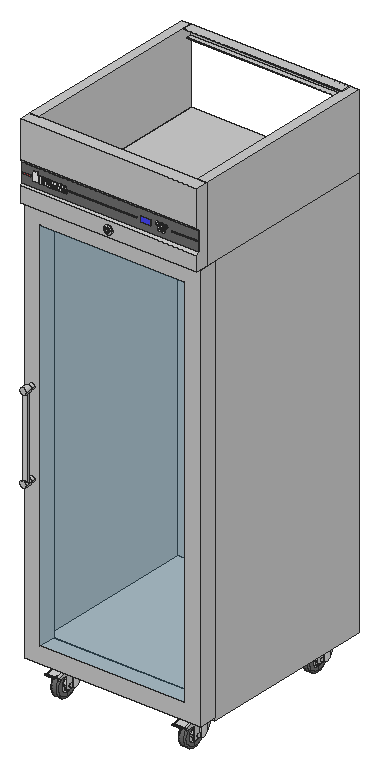
Revit family "QF_INOMAK_CBP172_GL_250530022410", category Specialty Equipment, Revit 2021
Family settings
  Round Connector Dimension = Use Diameter
  Part Type = Normal
  OmniClass Number = 23.40.40.14
  OmniClass Title = Food Service Equipment
  Work Plane-Based = No
  Always vertical = Yes
  Cut with Voids When Loaded = No
  Shared = No
  Room Calculation Point = No
Parameters (values of type "CBP172-GL")
  Weight [instance] = 146.00 kg
  Warranty Start Date [instance] = ""
  Warranty Duration [instance] = ""
  Volts [instance] = 230 V
  Volt Free Conn [instance] = no
  URL Recommended Spares List [instance] = ""
  URL Manufacturer [instance] = ""
  URL Cutsheet [instance] = ""
  URL Critical Spares List [instance] = ""
  URL = "www.inomak.com"
  Technical Documentation [instance] = ""
  Tag Number [instance] = ""
  Status [instance] = ""
  Start Up Current [instance] = 0 A
  Specification by User [instance] = ""
  Specification by Manufacturer [instance] = ""
  Sound Level [instance] = ""
  Show Logo [instance] = yes
  Show Clearances [instance] = yes
  Service Life Duration [instance] = ""
  Serial Number [instance] = ""
  Seismic Rating [instance] = ""
  SMACNA No [instance] = ""
  Revision Code [instance] = ""
  Revision [instance] = ""
  Production Year [instance] = ""
  Potential Equalisation [instance] = no
  Point Load [instance] = 0
  Phase [instance] = 1
  Other Equipment Approvals [instance] = ""
  Operational Current [instance] = 0 A
  Number of Poles [instance] = 2
  No Load Power Draw [instance] = no
  NAFEM Spec ID Number [instance] = ""
  Model Warning [instance] = ""
  Model = "CBP172/GL"
  Min Ckt Ampacity [instance] = 0 A
  Max Overcurrent Protection [instance] = 10 A
  Masterspec [instance] = ""
  Manufacturer = "INOMAK"
  Main switch integrated [instance] = no
  Length Actual [instance] = 720 mm
  Item Number [instance] = ""
  Installed By [instance] = ""
  Installation Date [instance] = ""
  Identify Quantity as Lot [instance] = no
  ID [instance] = ""
  Hygiene Approval [instance] = ""
  Height Actual [instance] = 2100 mm
  HP power [instance] = ""
  Furnished By [instance] = ""
  Foodservice Equipment Identifier [instance] = no
  FL Amps [instance] = 4.1 A
  Electrical Remarks [instance] = ""
  Electric power [instance] = 750 W
  Electric Connection Type [instance] = ""
  Elec Conn RI Height [instance] = 0 mm
  Elec Conn Connection Height [instance] = 0 mm
  ETL Approved [instance] = no
  Description = "PRUNUS FREEZER CABINET WITH 1 GN 2/1 GLASS DOOR"
  Depth Actual [instance] = 860 mm
  Default Elevation = 0 mm
  Cycle [instance] = 50 Hz
  Cost = 0
  Connection to energy optimisation system [instance] = yes
  Conn Plug [instance] = ""
  Conn Conduit [instance] = no
  Centralized building control system with digital interface [instance] = ""
  CSI MasterFormat [instance] = ""
  CE Approved [instance] = no
  Barcode [instance] = 0
  Author [instance] = ""
  Asset Identifier [instance] = ""
  Apparent Power [instance] = 750 VA
  Accessory [instance] = no
Reference planes
  plane 1 "Center (Front/Back)": y = 0
  plane 2: z = 0
  plane 3 "Center (Left/Right)": x = 0
Forms (mm)
  Extrusion 1, solid, not visible
    sketch origin (590.029, -2, 1930.094) x (1, 0, 0) y (0, 1, 0)
      loop
        line (-2, 2) -> (-2, -2) -> (2, -2) -> (2, 2) -> (-2, 2)
    from -2 to 2
Dimensions and locks
  locked: Extrusion 1 to nested 2
  locked: nested 2 to Extrusion 1 at 2
  aligned and locked: level to plane 2
Nested families
  nested 1: "QF_INOMAK_REF_CABINETS_172_2920" at (0, 0, 130), type "CBP172-GL"
    with Weight 146.00 kg, Warranty Start Date "", Warranty Duration "", URL Cutsheet "", Technical Documentation "", Tag Number "", Status "", Specification by User "", Specification by Manufacturer "", Sound Level "", Solid Fuel Type "", Show Clearances yes, Service Life Duration "", Serial Number "", Seismic Rating "", SMACNA No "", Revision Code "", Revision "", Production Year "", Point Load 0, Other Equipment Approvals "", NAFEM Spec ID Number "", Model Warning "", Masterspec "", Length Actual 720 mm, Item Number "", Installed By "", Installation Date "", Identify Quantity as Lot yes, ID "", Hygiene Approval "", Height Actual 2100 mm, Furnished By "", Foodservice Equipment Identifier yes, Finish none, ETL Approved yes, Depth Actual 860 mm, CSI MasterFormat "", CE Approved yes, Barcode "", Author "", Asset Identifier "", Accessory no
  nested 2: "CONN_POINT_ELE_2D___Generic_Annotation" at (590.029, 0, 1930.094), type "CONN_POINT_ELE_2D___Generic_Annotation"
    with Onboard connection annotation symbol visibility yes
  nested 3: "QF_INOMAK_C172-GDR-RX_4567" at (0, -824, 130), type "C172-GDR-RX"
    with Weight 0.00 kg, Warranty Start Date "", Warranty Duration "", URL Cutsheet "", Technical Documentation "", Tag Number "", Status "", Specification by User "", Specification by Manufacturer "", Sound Level "", Solid Fuel Type "", Show Logo yes, Show Clearances yes, Show Clearance yes, Service Life Duration "", Serial Number "", Seismic Rating "", SMACNA No "", Revision Code "", Revision "", Production Year "", Point Load 0, Other Equipment Approvals "", NAFEM Spec ID Number "", Model Warning "", Masterspec "", Length Actual 720 mm, Item Number "", Installed By "", Installation Date "", Identify Quantity as Lot yes, ID "", Hygiene Approval "", Height Actual 1982 mm, Furnished By "", Foodservice Equipment Identifier yes, Finish none, ETL Approved yes, Depth Actual 70 mm, CSI MasterFormat "", CE Approved yes, Barcode "", Author "", Asset Identifier "", Accessory yes
  nested 4: "QF_INOMAK_CASTORS_5465" at (0, 0, 0), type "CT-720-830"
    with Weight 0.00 kg, Warranty Start Date "", Warranty Duration "", URL Cutsheet "", Technical Documentation "", Tag Number "", Status "", Specification by User "", Specification by Manufacturer "", Sound Level "", Solid Fuel Type "", Show Logo yes, Show Clearances yes, Service Life Duration "", Serial Number "", Seismic Rating "", SMACNA No "", Revision Code "", Revision "", Production Year "", Point Load 0, Other Equipment Approvals "", NAFEM Spec ID Number "", Model Warning "", Masterspec "", Length Actual 720 mm, Item Number "", Installed By "", Installation Date "", Identify Quantity as Lot yes, ID "", Hygiene Approval "", Height Actual 130 mm, Furnished By "", Foodservice Equipment Identifier yes, ETL Approved yes, Depth Actual 830 mm, CSI MasterFormat "", CE Approved yes, Barcode "", Author "", Asset Identifier "", Accessory yes
Connectors
  electrical at (590.029, 0, 1930.094), driven by "Apparent Power", driven by "Number of Poles", driven by "Volts"
    settings: on Extrusion 1, index 1, voltage 230 V, apparent load 0 VA, apparent load phase1 750 VA, apparent load phase2 0 VA, apparent load phase3 0 VA, power factor 1, load classification "Other", number of poles 2, system type 31, power factor state 1, is connector primary yes, connector utility no, sub classification motor no, connector description "Electrical connection for CBP172/GL"
Definition of nested family "QF_INOMAK_REF_CABINETS_172_2920"
  Parameters (values of type "CAP172-GL")
    Weight [instance] = 0.00 kg
    Warranty Start Date [instance] = ""
    Warranty Duration [instance] = ""
    URL Cutsheet [instance] = ""
    URL = "www.inomak.com"
    Technical Documentation [instance] = ""
    Tag Number [instance] = ""
    Status [instance] = ""
    Specification by User [instance] = ""
    Specification by Manufacturer [instance] = ""
    Sound Level [instance] = ""
    Solid Fuel Type [instance] = ""
    Show Logo = yes
    Show Clearances [instance] = yes
    Service Life Duration [instance] = ""
    Serial Number [instance] = ""
    Seismic Rating [instance] = ""
    SMACNA No [instance] = ""
    Revision Code [instance] = ""
    Revision [instance] = ""
    Production Year [instance] = ""
    Point Load [instance] = 0
    Other Equipment Approvals [instance] = ""
    NAFEM Spec ID Number [instance] = ""
    Model Warning [instance] = ""
    Model = "CAP172/GL"
    Masterspec [instance] = ""
    Manufacturer = "INOMAK"
    Length Actual [instance] = 0 mm
    Length = 720 mm
    Item Number [instance] = ""
    Installed By [instance] = ""
    Installation Date [instance] = ""
    Identify Quantity as Lot [instance] = yes
    ID [instance] = ""
    Hygiene Approval [instance] = ""
    Height Actual [instance] = 0 mm
    Height = 1985 mm
    Furnished By [instance] = ""
    Foodservice Equipment Identifier [instance] = yes
    Finish [instance] = none
    ETL Approved [instance] = yes
    Description = "PRUNUS CHILLER CABINET WITH 1 GN 2/1 GLASS DOOR"
    Depth Actual [instance] = 0 mm
    Depth = 824 mm
    Default Elevation = 0 mm
    CSI MasterFormat [instance] = ""
    CE Approved [instance] = yes
    Barcode [instance] = ""
    Author [instance] = ""
    Asset Identifier [instance] = ""
    Assembly Code = "E1090320"
    Accessory [instance] = yes
  Types (8, lengths in mm): name | Model | Description | Depth
    CAP172 | "CAP172" | "CYPRESS CHILLER CABINET WITH 1 GN 2/1 DOOR" | 832
    CAP172-GL | "CAP172/GL" | "PRUNUS CHILLER CABINET WITH 1 GN 2/1 GLASS DOOR" | 824
    CBP172-GL | "CBP172/GL" | "PRUNUS FREEZER CABINET WITH 1 GN 2/1 GLASS DOOR" | 824
    CBP172 | "CBP172" | "CASTANEA FREEZER CABINET WITH 1 GN 2/1 DOOR" | 832
    CAP172-SL | "CAP172/SL" | "CLOVER CHILLER CABINET WITH 1 DOOR, COMPACT DIMENSIONS" | 732
    CBP172-SL | "CBP172/SL" | "CLOVER FREEZER CABINET WITH 1 DOOR, COMPACT DIMENSIONS" | 732
    CAP172-SL-GL | "CAP172/SL/GL" | "PRUNUS CHILLER CABINET WITH 1 GLASS DOOR, COMPACT DIMENSIONS" | 724
    CBP172-SL-GL | "CBP172/SL/GL" | "PRUNUS FREEZER CABINET WITH 1 GLASS DOOR, COMPACT DIMENSIONS" | 724
  Reference planes
    plane 1 "Back": y = 0
    plane 2: z = 0
    plane 3 "Left": x = 0
    plane 4 "Right": x = 720
    plane 5 "Front": y = -824
    plane 6 "Top": z = 1985
  Forms (mm)
    Extrusion 1, solid
      sketch origin (-1732.685, -824, 3995) x (-1, 0, 0) y (0, 0, 1)
        loop
          circle (-2284.815, -2199.02) r 6.965
        loop
          circle (-2301.846, -2199.02) r 6.965
        loop
          circle (-2318.855, -2199.02) r 6.965
        loop
          circle (-2293.341, -2217.021) r 6.965
        loop
          circle (-2310.35, -2217.021) r 6.965
        loop
          circle (-2284.815, -2199.02) r 3.965
        loop
          circle (-2301.846, -2199.02) r 3.965
        loop
          circle (-2318.855, -2199.02) r 3.965
        loop
          circle (-2293.341, -2217.021) r 3.965
        loop
          circle (-2310.35, -2217.021) r 3.965
      from 7.3 to 10.302
    Extrusion 2, solid
      sketch origin (-1732.685, -824, 3995) x (-1, 0, 0) y (0, 0, 1)
        loop
          line (-2257.026, -2195.289) -> (-2257.026, -2218.289) -> (-2217.026, -2218.289) -> (-2217.026, -2195.289) -> (-2257.026, -2195.289)
      from 7.3 to 10.302
    Extrusion 3, solid
      sketch origin (-1732.685, -824, 3995) x (-1, 0, 0) y (0, 0, 1)
        loop
          line (-1732.685, -2167.27) -> (-2452.685, -2167.27) -> (-2452.685, -2246.309) -> (-1732.685, -2246.309) -> (-1732.685, -2167.27)
      from 7.8 to 10.302
    Extrusion 4, solid, visible <- "Show Logo"
      sketch origin (-1732.685, -824, 3995) x (-1, 0, 0) y (0, 0, 1)
        loop
          line (-1776.745, -2194.74) -> (-1782.745, -2194.74) -> (-1782.745, -2183.633) -> (-1796.982, -2183.633) -> (-1796.982, -2194.74) -> (-1802.982, -2194.74) -> (-1802.982, -2220.99) -> (-1776.745, -2220.99) -> (-1776.745, -2194.74)
        loop
          line (-1807.298, -2195.052) -> (-1814.587, -2195.052) -> (-1814.587, -2220.99) -> (-1807.298, -2220.99) -> (-1807.298, -2195.052)
        loop
          line (-1817.107, -2220.99) -> (-1817.107, -2195.052) -> (-1823.94, -2195.052) -> (-1827.134, -2206.971) -> (-1827.134, -2195.052) -> (-1833.666, -2195.052) -> (-1833.666, -2220.99) -> (-1827.134, -2220.99) -> (-1823.42, -2207.127) -> (-1823.42, -2220.99) -> (-1817.107, -2220.99)
        loop
          line (-1854.348, -2220.99) -> (-1854.348, -2195.052) -> (-1863.311, -2195.052) -> (-1865.673, -2209.062) -> (-1868.035, -2195.052) -> (-1876.997, -2195.052) -> (-1876.997, -2220.99) -> (-1870.372, -2220.99) -> (-1870.372, -2207.127) -> (-1868.035, -2220.99) -> (-1863.311, -2220.99) -> (-1860.973, -2207.127) -> (-1860.973, -2220.99) -> (-1854.348, -2220.99)
        loop
          line (-1839.536, -2195.052) -> (-1848.861, -2195.052)
          arc (-1848.861, -2195.052) -> (-1851.458, -2196.128) -> (-1852.533, -2198.724) r 3.672
          line (-1852.533, -2198.724) -> (-1852.533, -2217.318)
          arc (-1852.533, -2217.318) -> (-1851.458, -2219.914) -> (-1848.861, -2220.99) r 3.672
          line (-1848.861, -2220.99) -> (-1839.536, -2220.99)
          arc (-1839.536, -2220.99) -> (-1836.939, -2219.914) -> (-1835.864, -2217.318) r 3.672
          line (-1835.864, -2217.318) -> (-1835.864, -2198.724)
          arc (-1835.864, -2198.724) -> (-1836.939, -2196.128) -> (-1839.536, -2195.052) r 3.672
        loop
          arc (-1843.172, -2198.208) -> (-1844.198, -2197.181) -> (-1845.225, -2198.208) r 1.027
          line (-1845.225, -2198.208) -> (-1845.225, -2216.801)
          arc (-1845.225, -2216.801) -> (-1844.198, -2217.828) -> (-1843.172, -2216.801) r 1.027
          line (-1843.172, -2216.801) -> (-1843.172, -2198.208)
        loop
          line (-1878.066, -2220.99) -> (-1882.439, -2195.052) -> (-1891.3, -2195.052) -> (-1895.673, -2220.99) -> (-1889.146, -2220.99) -> (-1888.536, -2216.027) -> (-1885.203, -2216.027) -> (-1884.593, -2220.99) -> (-1878.066, -2220.99)
        loop
          line (-1885.759, -2211.498) -> (-1886.87, -2202.452) -> (-1887.98, -2211.498) -> (-1885.759, -2211.498)
        loop
          line (-1896.638, -2220.99) -> (-1896.638, -2195.052) -> (-1903.263, -2195.052) -> (-1903.263, -2204.165) -> (-1906.049, -2195.052) -> (-1913.487, -2195.052) -> (-1909.159, -2206.329) -> (-1914.207, -2220.99) -> (-1906.623, -2220.99) -> (-1903.263, -2208.45) -> (-1903.263, -2220.99) -> (-1896.638, -2220.99)
      from 7.3 to 10.3
    Extrusion 5, solid
      sketch origin (-1732.685, -824, 3995) x (-1, 0, 0) y (0, 0, 1)
        loop
          line (-1732.685, -2204.789) -> (-1769.679, -2204.789) -> (-1769.679, -2208.789) -> (-1732.685, -2208.789) -> (-1732.685, -2204.789)
        loop
          line (-1918.161, -2204.789) -> (-2202.526, -2204.789) -> (-2202.526, -2208.789) -> (-1918.161, -2208.789) -> (-1918.161, -2204.789)
        loop
          line (-2452.685, -2204.789) -> (-2452.685, -2208.789) -> (-2344.916, -2208.789) -> (-2344.916, -2204.789) -> (-2452.685, -2204.789)
      from 7.3 to 10.302
    Extrusion 6, solid, material <- "Finish"
      sketch origin (0, 24.612, -1982) x (0, 1, 0) y (0, 0, 1)
        loop
          line (-848.612, 3967) -> (-848.612, 3818.032) -> (-840.31, 3809.73) -> (-840.31, 3730.691) -> (-848.612, 3722.389) -> (-848.612, 3662) -> (-798.612, 3662) -> (-798.612, 3967) -> (-848.612, 3967)
      from 0 to 720
    Extrusion 7, solid, material <- "Finish"
      sketch origin (0, 0, 1985) x (0, 1, 0) y (-1, 0, 0)
        loop
          line (-774, 0) -> (-774, -35) -> (0, -35) -> (0, 0) -> (-774, 0)
      from 0 to -305
    Extrusion 8, solid, material <- "Finish"
      sketch origin (0, 0, 1985) x (0, 1, 0) y (-1, 0, 0)
        loop
          line (-774, -720) -> (0, -720) -> (0, -685) -> (-774, -685) -> (-774, -720)
      from 0 to -305
    Extrusion 9, solid, material <- "Finish"
      sketch origin (0, 24.612, -1987) x (0, 1, 0) y (0, 0, 1)
        loop
          line (-798.612, 3863.915) -> (-798.612, 3667) -> (-678.934, 3667) -> (-678.934, 3744.237) -> (-798.612, 3863.915)
      from 35 to 685
    Extrusion 10, solid, material <- "Finish"
      sketch origin (0, 24.612, -123) x (0, 1, 0) y (0, 0, 1)
        loop
          line (-675.378, 1910.946) -> (-690.935, 1926.502) -> (-709.143, 1908.294) -> (-707.729, 1906.88) -> (-690.935, 1923.674) -> (-676.793, 1909.532) -> (-675.378, 1910.946)
      from 114.953 to 225
    Extrusion 11, solid, material <- "Finish"
      sketch origin (394.212, 24.612, -123) x (0, 1, 0) y (0, 0, 1)
        loop
          line (-675.378, 1910.946) -> (-690.935, 1926.502) -> (-709.143, 1908.294) -> (-707.729, 1906.88) -> (-690.935, 1923.674) -> (-676.793, 1909.532) -> (-675.378, 1910.946)
      from 114.953 to 225
    Extrusion 12, solid, material <- "Finish"
      sketch origin (0, 30.903, -1982) x (0, 1, 0) y (0, 0, 1)
        loop
          line (-30.903, 3967) -> (-70.903, 3967) -> (-70.903, 3965) -> (-32.903, 3965) -> (-32.903, 3929) -> (-55.903, 3929) -> (-55.903, 3927) -> (-30.903, 3927) -> (-30.903, 3967)
      from 35 to 685
    Extrusion 13, solid, material <- "Finish"
      sketch origin (0, 30.903, -118) x (0, 1, 0) y (0, 0, 1)
        loop
          line (-30.903, 1798) -> (-764.903, 1798) -> (-764.903, 1733) -> (-100.876, 1733) -> (-100.876, 191) -> (-764.903, 191) -> (-764.903, 118) -> (-30.903, 118) -> (-30.903, 1798)
      from 35 to 685
    Extrusion 14, solid, material <- "Finish"
      sketch origin (0, 0, 0) x (1, 0, 0) y (0, 1, 0)
        loop
          line (0, -734) -> (35, -734) -> (35, 0) -> (0, 0) -> (0, -734)
      from 0 to 1680
    Extrusion 15, solid, material <- "Finish"
      sketch origin (0, 0, 0) x (1, 0, 0) y (0, 1, 0)
        loop
          line (720, -734) -> (720, 0) -> (685, 0) -> (685, -734) -> (720, -734)
      from 0 to 1680
    Revolve 16, solid
      sketch origin (358.942, 24.612, -1987) x (0, 1, 0) y (0, 0, 1)
        loop
          line (-851.012, 3694.152) -> (-848.612, 3694.152) -> (-848.612, 3711.145) -> (-849.612, 3711.145) -> (-853.012, 3706.633) -> (-853.012, 3702.998) -> (-851.012, 3702.998) -> (-851.012, 3694.152)
        axis (-848.612, 3694.152) -> (-853.012, 3694.152)
      angle from 0 to 360
    Extrusion 17, solid
      sketch origin (-1732.685, -824, 3995) x (-1, 0, 0) y (0, 0, 1)
        loop
          line (-2090.827, -2284.348) -> (-2092.827, -2284.348) -> (-2092.827, -2291.348) -> (-2090.827, -2291.348) -> (-2090.827, -2284.348)
        loop
          circle (-2091.627, -2287.848) r 7.846
      from -4.4 to -2.4
    Extrusion 18, solid, material <- "Finish"
      sketch origin (0, 30.903, -118) x (1, 0, 0) y (0, 1, 0)
        loop
          line (187, 5.097) -> (187, -29.903) -> (175, -29.903) -> (175, -30.903) -> (545, -30.903) -> (545, -29.903) -> (533, -29.903) -> (533, 5.097) -> (187, 5.097)
      from 1156 to 1531
    Extrusion 19, solid, material <- "Finish"
      sketch origin (100, 30.903, -118) x (1, 0, 0) y (0, 1, 0)
        loop
          line (339, 0.097) -> (339, -29.903) -> (325, -29.903) -> (325, -30.903) -> (340, -30.903) -> (340, -0.903) -> (393, -0.903) -> (393, -30.903) -> (408, -30.903) -> (408, -29.903) -> (394, -29.903) -> (394, 0.097) -> (339, 0.097)
      from 1531 to 1793
  Lines and regions (mm)
    symbolic lines
      curve 1: line (0, 0, 0) -> (720, 0, 0)
      curve 2: line (0, -824, 0) -> (0, 0, 0)
      curve 3: line (720, -824, 0) -> (0, -824, 0)
      curve 4: line (720, 0, 0) -> (720, -824, 0)
      curve 5: line (187, 1, 0) -> (187, 36, 0)
      curve 6: line (187, 36, 0) -> (533, 36, 0)
      curve 7: line (533, 36, 0) -> (533, 1, 0)
      curve 8: line (35, 0, 0) -> (35, -774, 0)
      curve 9: line (35, -774, 0) -> (685, -774, 0)
      curve 10: line (685, -774, 0) -> (685, 0, 0)
      curve 11: line (35, -40, 0) -> (685, -40, 0)
      curve 12: line (35, -654.322, 0) -> (685, -654.322, 0)
      curve 13: line (187, 1, 0) -> (175, 1, 0)
      curve 14: line (175, 1, 0) -> (175, 0, 0)
      curve 15: line (533, 1, 0) -> (545, 1, 0)
      curve 16: line (545, 1, 0) -> (545, 0, 0)
      curve 17: line (425, 0, 0) -> (425, 1, 0)
      curve 18: line (425, 1, 0) -> (439, 1, 0)
      curve 19: line (439, 1, 0) -> (439, 31, 0)
      curve 20: line (439, 31, 0) -> (494, 31, 0)
      curve 21: line (494, 31, 0) -> (494, 1, 0)
      curve 22: line (494, 1, 0) -> (508, 1, 0)
      curve 23: line (508, 1, 0) -> (508, 0, 0)
  Dimensions and locks
    plane 3 "Left" to plane 4 "Right" = 720 mm
    "Depth": plane 5 "Front" to plane 1 "Back"
    "Height": plane 6 "Top" to level
    plane 6 "Top" to level = 1985 mm
    aligned and locked: level to plane 2
  Automatic sketch dimensions
    Extrusion 1 sketch curve to Extrusion 1 sketch curve = 0 mm  (x13)
    plane 4 "Right" to Extrusion 1 sketch curve = 133.83 mm
    Extrusion 1 sketch curve to Extrusion 1 sketch curve = 8.505 mm
    Extrusion 1 sketch curve to Extrusion 1 sketch curve = 17.009 mm  (x2)
    Extrusion 1 sketch curve to Extrusion 1 sketch curve = 17.03 mm
    Extrusion 1 sketch curve to plane 6 "Top" = 207.021 mm
    Extrusion 1 sketch curve to Extrusion 1 sketch curve = 18.001 mm
    plane 4 "Right" to Extrusion 2 sketch curve = 195.659 mm
    Extrusion 2 sketch curve to Extrusion 2 sketch curve = 40 mm
    Extrusion 2 sketch curve to plane 6 "Top" = 208.289 mm
    Extrusion 2 sketch curve to Extrusion 2 sketch curve = 23 mm
    plane 4 "Right" to Extrusion 3 sketch curve = 0 mm
    Extrusion 3 sketch curve to plane 3 "Left" = 0 mm
    Extrusion 3 sketch curve to plane 6 "Top" = 236.309 mm
    Extrusion 3 sketch curve to Extrusion 3 sketch curve = 79.039 mm
    plane 3 "Left" to Extrusion 4 sketch curve = 181.522 mm
    Extrusion 4 sketch curve to Extrusion 4 sketch curve = 0.72 mm
    Extrusion 4 sketch curve to Extrusion 4 sketch curve = 4.329 mm
    Extrusion 4 sketch curve to Extrusion 4 sketch curve = 7.584 mm
    Extrusion 4 sketch curve to Extrusion 4 sketch curve = 7.438 mm
    Extrusion 4 sketch curve to Extrusion 4 sketch curve = 5.895 mm
    Extrusion 4 sketch curve to Extrusion 4 sketch curve = 0 mm  (x16)
    Extrusion 4 sketch curve to Extrusion 4 sketch curve = 6.625 mm  (x2)
    Extrusion 4 sketch curve to Extrusion 4 sketch curve = 0.965 mm
    Extrusion 4 sketch curve to Extrusion 4 sketch curve = 5.338 mm
    Extrusion 4 sketch curve to Extrusion 4 sketch curve = 6.527 mm  (x2)
    Extrusion 4 sketch curve to Extrusion 4 sketch curve = 0.609 mm
    Extrusion 4 sketch curve to Extrusion 4 sketch curve = 0.556 mm
    Extrusion 4 sketch curve to Extrusion 4 sketch curve = 4.43 mm  (x2)
    Extrusion 4 sketch curve to Extrusion 4 sketch curve = 2.222 mm
    Extrusion 4 sketch curve to Extrusion 4 sketch curve = 3.334 mm
    Extrusion 4 sketch curve to Extrusion 4 sketch curve = 4.552 mm
    Extrusion 4 sketch curve to Extrusion 4 sketch curve = 1.069 mm
    Extrusion 4 sketch curve to Extrusion 4 sketch curve = 8.962 mm  (x2)
    Extrusion 4 sketch curve to Extrusion 4 sketch curve = 2.337 mm
    Extrusion 4 sketch curve to Extrusion 4 sketch curve = 4.699 mm  (x2)
    Extrusion 4 sketch curve to Extrusion 4 sketch curve = 4.724 mm  (x2)
    Extrusion 4 sketch curve to Extrusion 4 sketch curve = 1.815 mm
    Extrusion 4 sketch curve to Extrusion 4 sketch curve = 3.672 mm  (x6)
    Extrusion 4 sketch curve to Extrusion 4 sketch curve = 3.636 mm  (x3)
    Extrusion 4 sketch curve to Extrusion 4 sketch curve = 1.027 mm
    Extrusion 4 sketch curve to Extrusion 4 sketch curve = 2.197 mm
    Extrusion 4 sketch curve to Extrusion 4 sketch curve = 6.532 mm  (x2)
    Extrusion 4 sketch curve to Extrusion 4 sketch curve = 3.194 mm
    Extrusion 4 sketch curve to Extrusion 4 sketch curve = 3.714 mm
    Extrusion 4 sketch curve to Extrusion 4 sketch curve = 6.312 mm
    Extrusion 4 sketch curve to Extrusion 4 sketch curve = 2.52 mm
    Extrusion 4 sketch curve to Extrusion 4 sketch curve = 7.29 mm
    Extrusion 4 sketch curve to Extrusion 4 sketch curve = 4.315 mm
    Extrusion 4 sketch curve to Extrusion 4 sketch curve = 6 mm
    Extrusion 4 sketch curve to Extrusion 4 sketch curve = 14.237 mm
    Extrusion 4 sketch curve to Extrusion 4 sketch curve = 26.237 mm
    Extrusion 4 sketch curve to plane 6 "Top" = 210.99 mm
    Extrusion 4 sketch curve to Extrusion 4 sketch curve = 0.516 mm  (x2)
    Extrusion 4 sketch curve to Extrusion 4 sketch curve = 4.963 mm
    Extrusion 4 sketch curve to Extrusion 4 sketch curve = 4.529 mm
    Extrusion 4 sketch curve to Extrusion 4 sketch curve = 11.927 mm
    Extrusion 4 sketch curve to Extrusion 4 sketch curve = 12.539 mm
    Extrusion 4 sketch curve to Extrusion 4 sketch curve = 1.935 mm  (x2)
    Extrusion 4 sketch curve to Extrusion 4 sketch curve = 13.862 mm
    Extrusion 4 sketch curve to Extrusion 4 sketch curve = 0.157 mm
    Extrusion 4 sketch curve to Extrusion 4 sketch curve = 2.122 mm
    Extrusion 4 sketch curve to Extrusion 4 sketch curve = 4.285 mm
    Extrusion 4 sketch curve to Extrusion 4 sketch curve = 9.047 mm
    Extrusion 4 sketch curve to Extrusion 4 sketch curve = 8.403 mm
    Extrusion 4 sketch curve to Extrusion 4 sketch curve = 12.075 mm
    Extrusion 4 sketch curve to Extrusion 4 sketch curve = 26.25 mm
    Extrusion 4 sketch curve to Extrusion 4 sketch curve = 0.312 mm
    Extrusion 4 sketch curve to Extrusion 4 sketch curve = 11.107 mm
    plane 4 "Right" to Extrusion 5 sketch curve = 0 mm
    Extrusion 5 sketch curve to plane 3 "Left" = 0 mm
    plane 4 "Right" to Extrusion 5 sketch curve = 107.768 mm
    Extrusion 5 sketch curve to Extrusion 5 sketch curve = 142.39 mm
    plane 3 "Left" to Extrusion 5 sketch curve = 185.476 mm
    plane 3 "Left" to Extrusion 5 sketch curve = 36.995 mm
    Extrusion 5 sketch curve to plane 6 "Top" = 198.789 mm
    Extrusion 5 sketch curve to Extrusion 5 sketch curve = 0 mm  (x2)
    Extrusion 5 sketch curve to Extrusion 5 sketch curve = 4 mm  (x3)
    Extrusion 6 sketch curve to plane 5 "Front" = 0 mm  (x2)
    Extrusion 6 sketch curve to plane 6 "Top" = 0 mm
    plane 5 "Front" to Extrusion 6 sketch curve = 8.302 mm
    Extrusion 6 sketch curve to Extrusion 6 sketch curve = 50 mm
    Extrusion 6 sketch curve to plane 6 "Top" = 148.968 mm
    Extrusion 6 sketch curve to Extrusion 6 sketch curve = 8.302 mm  (x2)
    Extrusion 6 sketch curve to Extrusion 6 sketch curve = 79.039 mm
    Extrusion 6 sketch curve to Extrusion 6 sketch curve = 60.389 mm
    Extrusion 7 sketch curve to plane 3 "Left" = 0 mm
    plane 1 "Back" to Extrusion 7 sketch curve = 0 mm
    plane 5 "Front" to Extrusion 7 sketch curve = 50 mm
    plane 3 "Left" to Extrusion 7 sketch curve = 35 mm
    Extrusion 8 sketch curve to plane 4 "Right" = 0 mm
    plane 1 "Back" to Extrusion 8 sketch curve = 0 mm
    plane 5 "Front" to Extrusion 8 sketch curve = 50 mm
    plane 4 "Right" to Extrusion 8 sketch curve = 35 mm
    plane 5 "Front" to Extrusion 9 sketch curve = 50 mm
    Extrusion 9 sketch curve to Extrusion 9 sketch curve = 119.678 mm
    Extrusion 9 sketch curve to plane 6 "Top" = 305 mm
    Extrusion 9 sketch curve to Extrusion 9 sketch curve = 77.237 mm
    Extrusion 9 sketch curve to plane 6 "Top" = 108.085 mm
    plane 5 "Front" to Extrusion 10 sketch curve = 139.47 mm
    Extrusion 10 sketch curve to Extrusion 10 sketch curve = 1.414 mm  (x2)
    Extrusion 10 sketch curve to Extrusion 10 sketch curve = 16.794 mm
    Extrusion 10 sketch curve to Extrusion 10 sketch curve = 0 mm
    Extrusion 10 sketch curve to Extrusion 10 sketch curve = 14.142 mm
    Extrusion 10 sketch curve to plane 6 "Top" = 201.12 mm
    plane 5 "Front" to Extrusion 11 sketch curve = 139.47 mm
    Extrusion 11 sketch curve to Extrusion 11 sketch curve = 1.414 mm  (x2)
    Extrusion 11 sketch curve to Extrusion 11 sketch curve = 16.794 mm
    Extrusion 11 sketch curve to Extrusion 11 sketch curve = 0 mm
    Extrusion 11 sketch curve to Extrusion 11 sketch curve = 14.142 mm
    Extrusion 11 sketch curve to plane 6 "Top" = 201.12 mm
    Extrusion 12 sketch curve to plane 6 "Top" = 0 mm
    Extrusion 12 sketch curve to plane 1 "Back" = 0 mm
    plane 1 "Back" to Extrusion 12 sketch curve = 2 mm
    Extrusion 12 sketch curve to Extrusion 12 sketch curve = 23 mm
    Extrusion 12 sketch curve to Extrusion 12 sketch curve = 38 mm
    Extrusion 12 sketch curve to plane 6 "Top" = 2 mm
    Extrusion 12 sketch curve to Extrusion 12 sketch curve = 36 mm
    Extrusion 12 sketch curve to Extrusion 12 sketch curve = 2 mm
    Extrusion 13 sketch curve to level = 0 mm
    Extrusion 13 sketch curve to plane 1 "Back" = 0 mm
    plane 1 "Back" to Extrusion 13 sketch curve = 69.973 mm
    plane 5 "Front" to Extrusion 13 sketch curve = 90 mm  (x2)
    level to Extrusion 13 sketch curve = 73 mm
    Extrusion 13 sketch curve to plane 6 "Top" = 370 mm
    Extrusion 13 sketch curve to Extrusion 13 sketch curve = 65 mm
    plane 1 "Back" to Extrusion 14 sketch curve = 0 mm
    Extrusion 14 sketch curve to plane 3 "Left" = 0 mm
    plane 3 "Left" to Extrusion 14 sketch curve = 35 mm
    plane 5 "Front" to Extrusion 14 sketch curve = 90 mm
    plane 1 "Back" to Extrusion 15 sketch curve = 0 mm
    Extrusion 15 sketch curve to plane 4 "Right" = 0 mm
    Extrusion 15 sketch curve to Extrusion 15 sketch curve = 35 mm
    plane 5 "Front" to Extrusion 15 sketch curve = 90 mm
    Revolve 16 sketch curve to plane 5 "Front" = 0 mm
    Revolve 16 sketch curve to plane 5 "Front" = 1 mm
    Revolve 16 sketch curve to plane 5 "Front" = 2.4 mm
    Revolve 16 sketch curve to Revolve 16 sketch curve = 2 mm
    Revolve 16 sketch curve to plane 6 "Top" = 277.848 mm
    Revolve 16 sketch curve to Revolve 16 sketch curve = 8.846 mm
    Revolve 16 sketch curve to Revolve 16 sketch curve = 3.635 mm
    Revolve 16 sketch curve to Revolve 16 sketch curve = 4.512 mm
    Revolve 16 sketch curve to Revolve 16 sketch curve = 0 mm  (x2)
    Revolve 16 sketch curve to Revolve 16 sketch curve = 4.096 mm
    plane 4 "Right" to Extrusion 17 sketch curve = 359.858 mm
    Extrusion 17 sketch curve to Extrusion 17 sketch curve = 1.2 mm
    Extrusion 17 sketch curve to Extrusion 17 sketch curve = 2 mm
    Extrusion 17 sketch curve to plane 6 "Top" = 281.348 mm
    Extrusion 17 sketch curve to Extrusion 17 sketch curve = 3.5 mm  (x2)
    plane 1 "Back" to Extrusion 18 sketch curve = 0 mm
    Extrusion 18 sketch curve to plane 1 "Back" = 1 mm  (x2)
    plane 3 "Left" to Extrusion 18 sketch curve = 175 mm
    Extrusion 18 sketch curve to Extrusion 18 sketch curve = 12 mm  (x2)
    Extrusion 18 sketch curve to plane 1 "Back" = 36 mm
    plane 4 "Right" to Extrusion 18 sketch curve = 187 mm
    plane 1 "Back" to Extrusion 19 sketch curve = 0 mm  (x2)
    Extrusion 19 sketch curve to plane 1 "Back" = 1 mm  (x2)
    plane 3 "Left" to Extrusion 19 sketch curve = 425 mm
    Extrusion 19 sketch curve to Extrusion 19 sketch curve = 14 mm  (x2)
    Extrusion 19 sketch curve to plane 1 "Back" = 31 mm
    plane 4 "Right" to Extrusion 19 sketch curve = 226 mm
    Extrusion 19 sketch curve to Extrusion 19 sketch curve = 1 mm  (x3)
    curve 3 to plane 3 "Left" = 0 mm
    plane 1 "Back" to curve 8 = 0 mm
    curve 3 to plane 4 "Right" = 0 mm
    curve 4 to plane 5 "Front" = 0 mm
    plane 3 "Left" to curve 9 = 35 mm
    curve 14 to plane 1 "Back" = 1 mm
    curve 8 to curve 14 = 140 mm
    curve 13 to curve 13 = 12 mm
    curve 17 to plane 1 "Back" = 1 mm
    curve 5 to curve 17 = 238 mm
    curve 17 to curve 19 = 14 mm
    curve 19 to curve 21 = 55 mm
    curve 20 to curve 7 = 39 mm
    curve 15 to plane 1 "Back" = 1 mm
    curve 7 to curve 15 = 12 mm
    plane 4 "Right" to curve 9 = 35 mm
    plane 5 "Front" to curve 9 = 50 mm
    curve 22 to plane 1 "Back" = 1 mm
    curve 18 to curve 20 = 30 mm
    curve 7 to curve 6 = 35 mm
    curve 21 to curve 22 = 14 mm
    curve 9 to curve 12 = 119.678 mm
    plane 1 "Back" to curve 11 = 40 mm
    radius of Extrusion 1 sketch curve = 6.965 mm  (x5)
    radius of Extrusion 1 sketch curve = 3.965 mm  (x5)
    radius of Extrusion 17 sketch curve = 7.846 mm
Definition of nested family "QF_INOMAK_C172-GDR-RX_4567"
  Parameters (values of type "C172-GDR-RX")
    Weight [instance] = 0.00 kg
    Warranty Start Date [instance] = ""
    Warranty Duration [instance] = ""
    URL Cutsheet [instance] = ""
    URL = "www.inomak.com"
    Technical Documentation [instance] = ""
    Tag Number [instance] = ""
    Status [instance] = ""
    Specification by User [instance] = ""
    Specification by Manufacturer [instance] = ""
    Sound Level [instance] = ""
    Solid Fuel Type [instance] = ""
    Show Logo [instance] = yes
    Show Clearances [instance] = yes
    Show Clearance [instance] = yes
    Service Life Duration [instance] = ""
    Serial Number [instance] = ""
    Seismic Rating [instance] = ""
    SMACNA No [instance] = ""
    Revision Code [instance] = ""
    Revision [instance] = ""
    Production Year [instance] = ""
    Point Load [instance] = 0
    Other Equipment Approvals [instance] = ""
    NAFEM Spec ID Number [instance] = ""
    Model Warning [instance] = ""
    Model = "C172-GDR-RX"
    Masterspec [instance] = ""
    Manufacturer = "INOMAK"
    Length Actual [instance] = 0 mm
    Item Number [instance] = ""
    Installed By [instance] = ""
    Installation Date [instance] = ""
    Identify Quantity as Lot [instance] = yes
    ID [instance] = ""
    Hygiene Approval [instance] = ""
    Height Actual [instance] = 0 mm
    Furnished By [instance] = ""
    Foodservice Equipment Identifier [instance] = yes
    Finish [instance] = none
    ETL Approved [instance] = yes
    Description = "RIGHT HINGED GLASS DOOR"
    Depth Actual [instance] = 0 mm
    Default Elevation = 0 mm
    CSI MasterFormat [instance] = ""
    CE Approved [instance] = yes
    Barcode [instance] = ""
    Author [instance] = ""
    Asset Identifier [instance] = ""
    Assembly Code = "E1090320"
    Accessory [instance] = yes
  Reference planes
    plane 1 "Back": y = 0
    plane 2: z = 0
    plane 3 "Left": x = 0
    plane 4 "Right": x = 720
    plane 5 "Front": y = 90
    plane 6 "Top": z = 1682
  Forms (mm)
    Extrusion 1, solid, visible <- "Show Clearance", detail levels coarse
      sketch origin (-154.804, 650, -18) x (1, 0, 0) y (0, 1, 0)
        loop
          line (874.804, -1300) -> (874.804, -630) -> (154.804, -630)
          arc (154.804, -630) -> (341.042, -1099.619) -> (804.804, -1300) r 660.076
          line (804.804, -1300) -> (874.804, -1300)
      from 28 to 1695
    Extrusion 2, solid, material <- "Finish"
      sketch origin (0, 90, 0) x (-1, 0, 0) y (0, 0, 1)
        loop
          line (0, 1677) -> (-720, 1677) -> (-720, 10) -> (0, 10) -> (0, 1677)
        loop
          line (-64, 1613) -> (-656, 1613) -> (-656, 74) -> (-64, 74) -> (-64, 1613)
      from -70 to 0
    Extrusion 3, solid
      sketch origin (0, 90, 0) x (-1, 0, 0) y (0, 0, 1)
        loop
          circle (-32, 1013) r 13
      from -115 to -90
    Extrusion 4, solid
      sketch origin (0, 115, 0) x (-1, 0, 0) y (0, 0, 1)
        loop
          circle (-32, 1013) r 10
      from -115 to -95
    Extrusion 5, solid
      sketch origin (0, 90, 1687) x (-1, 0, 0) y (0, 0, 1)
        loop
          circle (-32, -1013) r 13
      from -115 to -90
    Extrusion 6, solid
      sketch origin (0, 115, 1687) x (-1, 0, 0) y (0, 0, 1)
        loop
          circle (-32, -1013) r 10
      from -115 to -95
    Extrusion 7, solid
      sketch origin (0, 0, 0) x (1, 0, 0) y (0, 1, 0)
        loop
          circle (32, -12.5) r 10
      from 673.205 to 1013.123
    Extrusion 8, solid
      sketch origin (0, 95, 0) x (-1, 0, 0) y (0, 0, 1)
        loop
          line (-64, 1613) -> (-656, 1613) -> (-656, 74) -> (-64, 74) -> (-64, 1613)
      from -75 to -5
  Lines and regions (mm)
    symbolic lines, visible <- "Show Clearance"
      curve 1: line (650, -650, 0) -> (720, -650, 0)
      curve 2: line (720, -650, 0) -> (720, 0, 0)
      curve 3: arc (0, 0, 0) -> (193.256, -456.744, 0) -> (650, -650, 0) r 660.076
  Dimensions and locks
    plane 3 "Left" to plane 4 "Right" = 720 mm
    plane 1 "Back" to plane 5 "Front" = 90 mm
    plane 6 "Top" to plane 2 = 1682 mm
    aligned and locked: level to plane 2
Definition of nested family "QF_INOMAK_CASTORS_5465"
  Parameters (values of type "CT-1105-600")
    Weight [instance] = 0.00 kg
    Warranty Start Date [instance] = ""
    Warranty Duration [instance] = ""
    URL Cutsheet [instance] = ""
    URL = "www.inomak.com"
    Technical Documentation [instance] = ""
    Tag Number [instance] = ""
    Status [instance] = ""
    Specification by User [instance] = ""
    Specification by Manufacturer [instance] = ""
    Sound Level [instance] = ""
    Solid Fuel Type [instance] = ""
    Show Logo [instance] = yes
    Show Clearances [instance] = yes
    Service Life Duration [instance] = ""
    Serial Number [instance] = ""
    Seismic Rating [instance] = ""
    SMACNA No [instance] = ""
    Right offset = 300 mm
    Revision Code [instance] = ""
    Revision [instance] = ""
    Rear offset = 60 mm
    Production Year [instance] = ""
    Point Load [instance] = 0
    Other Equipment Approvals [instance] = ""
    NAFEM Spec ID Number [instance] = ""
    Model Warning [instance] = ""
    Model = "CT"
    Masterspec [instance] = ""
    Manufacturer = "INOMAK"
    Length Actual [instance] = 0 mm
    Length = 1103 mm
    Left offset = 60 mm
    Item Number [instance] = ""
    Installed By [instance] = ""
    Installation Date [instance] = ""
    Identify Quantity as Lot [instance] = yes
    ID [instance] = ""
    Hygiene Approval [instance] = ""
    Height Actual [instance] = 0 mm
    Height = 130 mm
    Furnished By [instance] = ""
    Front offset = 150 mm
    Foodservice Equipment Identifier [instance] = yes
    ETL Approved [instance] = yes
    Description = "WHEELS"
    Depth Actual [instance] = 0 mm
    Depth = 600 mm
    Default Elevation = 0 mm
    CentralLegs = if(Length > 1900 mm, 2 > 1, 2 < 1)  # no
    CSI MasterFormat [instance] = ""
    CE Approved [instance] = yes
    Barcode [instance] = ""
    Author [instance] = ""
    Asset Identifier [instance] = ""
    Assembly Code = "E1090320"
    Accessory [instance] = yes
  Types (12, lengths in mm): name | Right offset | Rear offset | Length | Left offset | Front offset | Depth | CentralLegs
    CT-720-830 | 100 | 60 | 720 | 100 | 140 | 830 | no
    CT-1105-700 | 300 | 60 | 1103 | 60 | 150 | 700 | no
    CT-1440-730 | 100 | 60 | 1440 | 100 | 140 | 730 | no
    CT-720-730 | 100 | 60 | 720 | 100 | 140 | 730 | no
    CT-1410-700 | 60 | 90 | 1406 | 60 | 150 | 700 | no
    CT-1795-700 | 60 | 90 | 1792 | 60 | 150 | 700 | no
    CT-1440-830 | 100 | 60 | 1440 | 100 | 140 | 830 | no
    CT-1545-700 | 300 | 90 | 1546 | 100 | 150 | 700 | no
    CT-1995-700 | 300 | 90 | 1996 | 100 | 150 | 700 | yes
    CT-1105-600 | 300 | 60 | 1103 | 60 | 150 | 600 | no
    CT-1545-600 | 300 | 90 | 1546 | 100 | 150 | 600 | no
    CT-1995-600 | 300 | 90 | 1996 | 100 | 150 | 600 | yes
  Reference planes
    plane 1 "Back": y = 0
    plane 2: z = 0
    plane 3 "Left": x = 0
    plane 4 "Right": x = 1103
    plane 5 "Front": y = -600
    plane 6 "Top": z = 130
    plane 7 "Left offset": x = 60
    plane 8 "Right offset": x = 803
    plane 9 "Rear offset": y = -60
    plane 10 "Front offset": y = -450
    plane 11: x = 431.5
  Dimensions and locks
    "Length": plane 3 "Left" to plane 4 "Right"
    "Depth": plane 5 "Front" to plane 1 "Back"
    "Left offset": plane 3 "Left" to plane 7 "Left offset"
    "Right offset": plane 8 "Right offset" to plane 4 "Right"
    "Rear offset": plane 9 "Rear offset" to plane 1 "Back"
    "Front offset": plane 10 "Front offset" to plane 5 "Front"
    plane 6 "Top" to level = 130 mm
    equal spacing: plane 7 "Left offset", plane 11, plane 8 "Right offset"
    aligned and locked: level to plane 2
    aligned and locked: nested 1 to plane 7 "Left offset"
    aligned and locked: nested 1 to plane 10 "Front offset"
    aligned and locked: nested 2 to plane 8 "Right offset"
    aligned and locked: nested 2 to plane 10 "Front offset"
    aligned and locked: nested 3 to plane 7 "Left offset"
    aligned and locked: nested 3 to plane 9 "Rear offset"
    aligned and locked: nested 4 to plane 8 "Right offset"
    aligned and locked: nested 4 to plane 9 "Rear offset"
    aligned and locked: nested 5 to plane 11
    aligned and locked: nested 5 to plane 10 "Front offset"
  Nested families
    nested 1: "QF_INOMAK_CASTOR_BRAKES" at (60, -450, 0), type "QF_INOMAK_CASTOR_BRAKES"
    nested 2: "QF_INOMAK_CASTOR_BRAKES" at (803, -450, 0), type "QF_INOMAK_CASTOR_BRAKES"
    nested 3: "QF_INOMAK_CASTOR" at (60, -60, 0), type "QF_INOMAK_CASTOR"
    nested 4: "QF_INOMAK_CASTOR" at (803, -60, 0), type "QF_INOMAK_CASTOR"
    nested 5: "QF_INOMAK_CASTOR_BRAKES" at (431.5, -450, 0), visible <- "CentralLegs", type "QF_INOMAK_CASTOR_BRAKES"
  Definition of nested family "QF_INOMAK_CASTOR_BRAKES"
    Parameters (values of type "QF_INOMAK_CASTOR_BRAKES")
      Default Elevation = 0 mm
    Reference planes
      plane 1 "Center (Front/Back)": y = 0
      plane 2: z = 0
      plane 3 "Center (Left/Right)": x = 0
    Forms (mm)
      Extrusion 1, solid
        sketch origin (-55, 171.5, 124.5) x (1, 0, 0) y (0, 1, 0)
          loop
            line (12.5, -214) -> (97.5, -214)
            arc (97.5, -214) -> (104.571, -211.071) -> (107.5, -204) r 10
            line (107.5, -204) -> (107.5, -139)
            arc (107.5, -139) -> (104.571, -131.929) -> (97.5, -129) r 10
            line (97.5, -129) -> (12.5, -129)
            arc (12.5, -129) -> (5.429, -131.929) -> (2.5, -139) r 10
            line (2.5, -139) -> (2.5, -204)
            arc (2.5, -204) -> (5.429, -211.071) -> (12.5, -214) r 10
        from 0 to 5.5
      Extrusion 2, solid
        sketch origin (-55, 146, 24.5) x (1, 0, 0) y (0, 1, 0)
          loop
            circle (55, -146) r 36
          loop
            circle (55, -146) r 34
        from 12 to 100
      Extrusion 3, void
        sketch origin (-37.5, 146, -28.526) x (0, 1, 0) y (0, 0, 1)
          loop
            line (-105, 63.026) -> (-105, 139.692) -> (-158.75, 68.026)
            arc (-158.75, 68.026) -> (-160.956, 66.036) -> (-163.75, 65.026) r 7.727
            line (-163.75, 65.026) -> (-175, 65.026) -> (-175, 136.026) -> (-182, 136.026) -> (-182, 63.026) -> (-105, 63.026)
        from 0 to 75
      Revolve 4, solid
        sketch origin (0, -37.5, -3.552) x (1, 0, 0) y (0, 0, 1)
          loop
            arc (10, 3.552) -> (13.536, 5.016) -> (15, 8.552) r 5
            line (15, 8.552) -> (15, 22.052) -> (-15, 22.052) -> (-15, 8.552)
            arc (-15, 8.552) -> (-13.536, 5.016) -> (-10, 3.552) r 5
            line (-10, 3.552) -> (10, 3.552)
          axis (-15, 53.552) -> (15, 53.552)
        angle from 0 to 360
      Extrusion 5, solid
        sketch origin (-21.466, 171.5, -31.526) x (0, 1, 0) y (0, 0, 1)
          loop
            line (-200.5, 68.026) -> (-200.5, 139.026) -> (-222.5, 139.026) -> (-267.507, 126.05)
            arc (-267.507, 126.05) -> (-264.51, 121.7) -> (-259.5, 120.026) r 8.333
            line (-259.5, 120.026) -> (-224.5, 120.026) -> (-224.5, 76.026)
            arc (-224.5, 76.026) -> (-222.157, 70.369) -> (-216.5, 68.026) r 8
            line (-216.5, 68.026) -> (-200.5, 68.026)
        from -3.534 to -1.534
      Extrusion 6, solid
        sketch origin (-34, 171.5, -14) x (0, 1, 0) y (0, 0, 1)
          loop
            circle (-209, 64) r 12.5
        from 11 to 57
      Revolve 7, solid
        sketch origin (-55, -37.5, -3.552) x (1, 0, 0) y (0, 0, 1)
          loop
            arc (65, 22.052) -> (61.464, 23.516) -> (60, 27.052) r 5
            line (60, 27.052) -> (60, 53.526) -> (50, 53.526) -> (50, 27.052)
            arc (50, 27.052) -> (48.536, 23.516) -> (45, 22.052) r 5
            line (45, 22.052) -> (65, 22.052)
          axis (45, 53.526) -> (65, 53.526)
        angle from 0 to 360
      Extrusion 8, solid
        sketch origin (21.466, 171.5, -31.526) x (0, 1, 0) y (0, 0, -1)
          loop
            line (-200.5, -68.026) -> (-216.5, -68.026)
            arc (-216.5, -68.026) -> (-222.157, -70.369) -> (-224.5, -76.026) r 8
            line (-224.5, -76.026) -> (-224.5, -120.026) -> (-259.5, -120.026)
            arc (-259.5, -120.026) -> (-264.51, -121.7) -> (-267.507, -126.05) r 8.333
            line (-267.507, -126.05) -> (-222.5, -139.026) -> (-200.5, -139.026) -> (-200.5, -68.026)
        from -3.534 to -1.534
      Extrusion 9, solid
        sketch origin (250, -359.196, -27.974) x (1, 0, 0) y (0, 1, 0)
          loop
            line (-275, 330.196) -> (-273, 330.196)
            arc (-273, 330.196) -> (-273.274, 332.754) -> (-274.083, 335.196) r 12.082
            line (-274.083, 335.196) -> (-276.833, 335.196)
            arc (-276.833, 335.196) -> (-275.473, 332.858) -> (-275, 330.196) r 7.737
        from 64.474 to 135.474
      Extrusion 10, solid
        sketch origin (-250, -359.196, -27.974) x (-1, 0, 0) y (0, -1, 0)
          loop
            arc (-275, -330.196) -> (-275.473, -332.858) -> (-276.833, -335.196) r 7.737
            line (-276.833, -335.196) -> (-274.083, -335.196)
            arc (-274.083, -335.196) -> (-273.274, -332.754) -> (-273, -330.196) r 12.082
            line (-273, -330.196) -> (-275, -330.196)
        from 64.474 to 135.474
      Sweep 11, solid
        path origin (0, -359.196, -27.974) x (0, 1, 0) y (0, 0, 1)
          loop
            line (338.196, 135.474) -> (308.196, 135.474) -> (263.189, 122.499)
        profile origin (0, -36, 107.5) x (0, 0, -1) y (1, 0, 0)
          loop
            arc (-4, -21) -> (-2.828, -23.828) -> (0, -25) r 4
            line (0, -25) -> (0, -23)
            arc (0, -23) -> (-1.414, -22.414) -> (-2, -21) r 2
            line (-2, -21) -> (-2, 21)
            arc (-2, 21) -> (-1.414, 22.414) -> (0, 23) r 2
            line (0, 23) -> (0, 25)
            arc (0, 25) -> (-2.828, 23.828) -> (-4, 21) r 4
            line (-4, 21) -> (-4, -21)
      Extrusion 12, solid
        sketch origin (-15, -620.032, 471.611) x (1, 0, 0) y (0, 0.809942, -0.58651)
          loop
            line (0, 640.696) -> (0, 622.696) -> (6, 617.696) -> (24, 617.696) -> (30, 622.696) -> (30, 640.696) -> (0, 640.696)
        from 0 to 2
      Extrusion 13, solid
        sketch origin (-10, -688.801, 95.837) x (0, 1, 0) y (0, 0, 1)
          loop
            line (587.696, 0) -> (592.196, -3.259)
            arc (592.196, -3.259) -> (593.446, -3.664) -> (594.696, -3.259) r 2.131
            line (594.696, -3.259) -> (604.172, 4.031) -> (598.943, 2.532) -> (594.631, -0.785)
            arc (594.631, -0.785) -> (593.44, -1.2) -> (592.238, -0.82) r 2
            line (592.238, -0.82) -> (588.869, 1.62) -> (587.696, 0)
        from 0 to 20
      Extrusion 14, solid
        sketch origin (-31, -958.08, 50) x (0, 1, 0) y (0, 0, 1)
          loop
            line (924.33, -6.495) -> (928.08, 0) -> (924.33, 6.495) -> (916.83, 6.495) -> (913.08, 0) -> (916.83, -6.495) -> (924.33, -6.495)
        from 0 to 62
    Cuts and joins
      Extrusion 3 cuts Extrusion 2
      Extrusion 3 cuts Extrusion 9
      Extrusion 3 cuts Extrusion 10
    Dimensions and locks
      aligned and locked: level to plane 2
  Definition of nested family "QF_INOMAK_CASTOR"
    Parameters (values of type "QF_INOMAK_CASTOR")
      Default Elevation = 0 mm
    Reference planes
      plane 1 "Center (Front/Back)": y = 0
      plane 2: z = 0
      plane 3 "Center (Left/Right)": x = 0
    Forms (mm)
      Extrusion 1, solid
        sketch origin (-55, 171.5, 124.5) x (1, 0, 0) y (0, 1, 0)
          loop
            line (12.5, -214) -> (97.5, -214)
            arc (97.5, -214) -> (104.571, -211.071) -> (107.5, -204) r 10
            line (107.5, -204) -> (107.5, -139)
            arc (107.5, -139) -> (104.571, -131.929) -> (97.5, -129) r 10
            line (97.5, -129) -> (12.5, -129)
            arc (12.5, -129) -> (5.429, -131.929) -> (2.5, -139) r 10
            line (2.5, -139) -> (2.5, -204)
            arc (2.5, -204) -> (5.429, -211.071) -> (12.5, -214) r 10
        from 0 to 5.5
      Extrusion 2, solid
        sketch origin (-55, 146, 24.5) x (1, 0, 0) y (0, 1, 0)
          loop
            circle (55, -146) r 36
          loop
            circle (55, -146) r 34
        from 12 to 100
      Extrusion 3, void
        sketch origin (-37.5, 146, -28.526) x (0, 1, 0) y (0, 0, 1)
          loop
            line (-105, 63.026) -> (-105, 139.692) -> (-158.75, 68.026)
            arc (-158.75, 68.026) -> (-160.956, 66.036) -> (-163.75, 65.026) r 7.727
            line (-163.75, 65.026) -> (-175, 65.026) -> (-175, 136.026) -> (-182, 136.026) -> (-182, 63.026) -> (-105, 63.026)
        from 0 to 75
      Revolve 4, solid
        sketch origin (0, -37.5, -3.552) x (1, 0, 0) y (0, 0, 1)
          loop
            arc (10, 3.552) -> (13.536, 5.016) -> (15, 8.552) r 5
            line (15, 8.552) -> (15, 22.052) -> (-15, 22.052) -> (-15, 8.552)
            arc (-15, 8.552) -> (-13.536, 5.016) -> (-10, 3.552) r 5
            line (-10, 3.552) -> (10, 3.552)
          axis (-15, 53.552) -> (15, 53.552)
        angle from 0 to 360
      Extrusion 5, solid
        sketch origin (-21.466, 171.5, -31.526) x (0, 1, 0) y (0, 0, 1)
          loop
            line (-200.5, 68.026) -> (-200.5, 139.026) -> (-224.5, 139.026) -> (-224.5, 76.026)
            arc (-224.5, 76.026) -> (-222.157, 70.369) -> (-216.5, 68.026) r 8
            line (-216.5, 68.026) -> (-200.5, 68.026)
        from -3.534 to -1.534
      Extrusion 6, solid
        sketch origin (-34, 171.5, -14) x (0, 1, 0) y (0, 0, 1)
          loop
            circle (-209, 64) r 12.5
        from 11 to 57
      Revolve 7, solid
        sketch origin (-55, -37.5, -3.552) x (1, 0, 0) y (0, 0, 1)
          loop
            arc (65, 22.052) -> (61.464, 23.516) -> (60, 27.052) r 5
            line (60, 27.052) -> (60, 53.526) -> (50, 53.526) -> (50, 27.052)
            arc (50, 27.052) -> (48.536, 23.516) -> (45, 22.052) r 5
            line (45, 22.052) -> (65, 22.052)
          axis (45, 53.526) -> (65, 53.526)
        angle from 0 to 360
      Extrusion 8, solid
        sketch origin (21.466, 171.5, -31.526) x (0, 1, 0) y (0, 0, -1)
          loop
            line (-200.5, -68.026) -> (-216.5, -68.026)
            arc (-216.5, -68.026) -> (-222.157, -70.369) -> (-224.5, -76.026) r 8
            line (-224.5, -76.026) -> (-224.5, -139.026) -> (-200.5, -139.026) -> (-200.5, -68.026)
        from -3.534 to -1.534
      Extrusion 9, solid
        sketch origin (250, -359.196, -27.974) x (1, 0, 0) y (0, 1, 0)
          loop
            line (-275, 330.196) -> (-273, 330.196)
            arc (-273, 330.196) -> (-273.274, 332.754) -> (-274.083, 335.196) r 12.082
            line (-274.083, 335.196) -> (-276.833, 335.196)
            arc (-276.833, 335.196) -> (-275.473, 332.858) -> (-275, 330.196) r 7.737
        from 64.474 to 135.474
      Extrusion 10, solid
        sketch origin (-250, -359.196, -27.974) x (-1, 0, 0) y (0, -1, 0)
          loop
            arc (-275, -330.196) -> (-275.473, -332.858) -> (-276.833, -335.196) r 7.737
            line (-276.833, -335.196) -> (-274.083, -335.196)
            arc (-274.083, -335.196) -> (-273.274, -332.754) -> (-273, -330.196) r 12.082
            line (-273, -330.196) -> (-275, -330.196)
        from 64.474 to 135.474
      Sweep 11, solid
        path origin (0, -359.196, -27.974) x (0, 1, 0) y (0, 0, 1)
          loop
            line (338.196, 135.474) -> (306.196, 135.474)
        profile origin (0, -37, 107.5) x (0, 0, -1) y (1, 0, 0)
          loop
            arc (-4, -21) -> (-2.828, -23.828) -> (0, -25) r 4
            line (0, -25) -> (0, -23)
            arc (0, -23) -> (-1.414, -22.414) -> (-2, -21) r 2
            line (-2, -21) -> (-2, 21)
            arc (-2, 21) -> (-1.414, 22.414) -> (0, 23) r 2
            line (0, 23) -> (0, 25)
            arc (0, 25) -> (-2.828, 23.828) -> (-4, 21) r 4
            line (-4, 21) -> (-4, -21)
      Extrusion 12, solid
        sketch origin (-31, -958.08, 50) x (0, 1, 0) y (0, 0, 1)
          loop
            line (924.33, -6.495) -> (928.08, 0) -> (924.33, 6.495) -> (916.83, 6.495) -> (913.08, 0) -> (916.83, -6.495) -> (924.33, -6.495)
        from 0 to 62
    Cuts and joins
      Extrusion 3 cuts Extrusion 2
      Extrusion 3 cuts Extrusion 9
      Extrusion 3 cuts Extrusion 10
    Dimensions and locks
      aligned and locked: level to plane 2
Definition of nested family "CONN_POINT_ELE_2D___Generic_Annotation"
  Parameters (values of type "CONN_POINT_ELE_2D___Generic_Annotation")
    Onboard connection annotation symbol visibility [instance] = yes
  Reference planes
    plane 1: y = 0
    plane 2: x = 0
  Lines and regions (mm)
    detail lines, visible <- "Onboard connection annotation symbol visibility"
      curve 1: circle (0, 0, 0) r 0.5 normal (0, 0, 1)
      curve 2: line (-1, 0, 0) -> (1, 0, 0)
      curve 3: line (0, 1, 0) -> (0, -1, 0)
      curve 4: line (2.5, 1, 0) -> (1.25, 1, 0)
      curve 5: line (1.25, 1, 0) -> (1.25, -1, 0)
      curve 6: line (1.25, -1, 0) -> (2.5, -1, 0)
      curve 7: line (1.25, 0, 0) -> (2, 0, 0)
